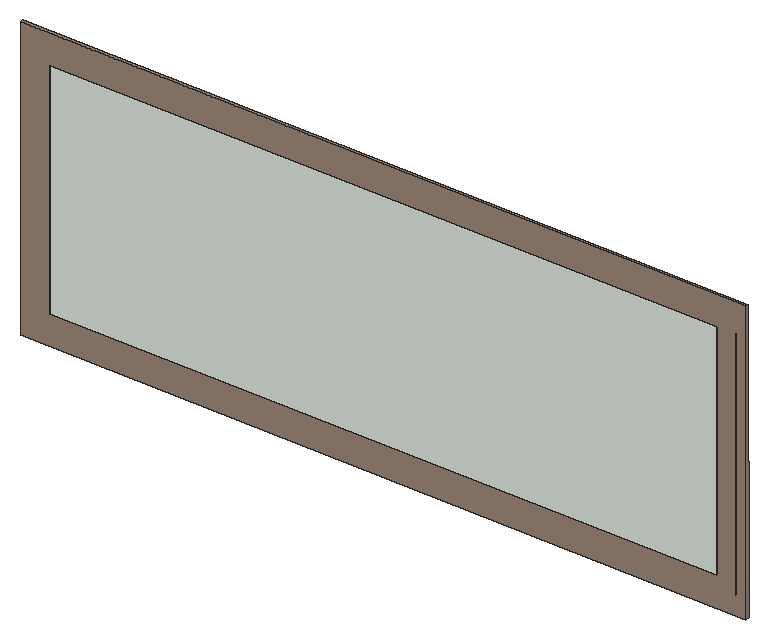
Revit family
Reference planes (in)
  plane 1: y = 0
  plane 2 "Center (Left/Right)": x = 0
  plane 3 "Wall Edge": y = 4
Forms (in)
  Extrusion 1, solid, material "JAMESON MIRROR"
    sketch origin (0, 4, 130.97768) x (1, 0, 0) y (0, 0, -1)
      loop
        line (57, 28.97768) -> (57, 66.67835) -> (-56.13216, 66.67835) -> (-56.13216, 28.97768) -> (57, 28.97768)
    from 0 to 1
  Sweep 2, solid, material "JAMESON WOOD"
    path in 3D
      loop
        line (-56.13216, 4, 102) -> (-56.13216, 4, 64.29933) -> (57, 4, 64.29933) -> (57, 4, 102) -> (-56.13216, 4, 102)
    profile origin (0.43392, 4, 102) x (0, -1, 0) y (0, 0, 1)
      loop
        line (0, 0) -> (0, 5) -> (-0.5, 5)
        arc (-0.5, 5) -> (-0.63523, 3.72705) -> (-1, 2.5) r 7.00071
        arc (-1, 2.5) -> (-2.00009, 0.75) -> (-1, -1) r 2.03116
        line (-1, -1) -> (-1, 0) -> (0, 0)
Lines and regions (in)
  sketch lines
    curve 1: line (57, 4, 102) -> (-56.13216, 4, 102)
    curve 2: line (-56.13216, 4, 102) -> (-56.13216, 4, 64.29933)
    curve 3: line (-56.13216, 4, 64.29933) -> (57, 4, 64.29933)
    curve 4: line (57, 4, 64.29933) -> (57, 4, 102)
Text (in)
  text "Placement Side" at (0, 40.15149, 123.01588), in view "Right"
  text "Placement Side" at (-70.3804, 28.46503, 0), in view "Ref. Level"
  text "Placement Side" at (0, 81.62555, 140.59947), in view "Left"
Dimensions and locks (in)
  locked: plane 3 "Wall Edge" to host wall
